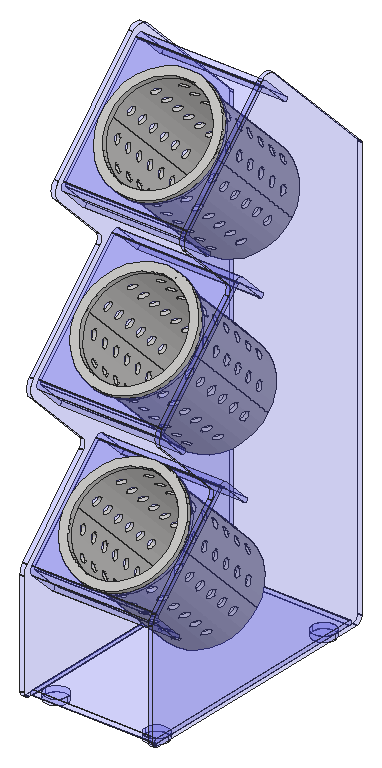
Revit family "QF_Vollrath_FWVH-3B", category Specialty Equipment, Revit 2016
Family settings
  Part Type = Normal
  Round Connector Dimension = Use Diameter
  OmniClass Number = 23.40.40.14.24
  OmniClass Title = Food Dispensing Equipment
  Work Plane-Based = Yes
  Always vertical = Yes
  Cut with Voids When Loaded = No
  Shared = No
  Room Calculation Point = No
Parameters
  Weight in Pounds = 0
  Watermarked By = ""
  URL Cutsheet = ""
  URL = "www.vollrath.com"
  Specification by User [instance] = ""
  Specification by Manufacturer [instance] = ""
  Serial Number [instance] = ""
  Revision Code [instance] = ""
  NAFEM Spec ID Number [instance] = ""
  Model = "FWVH-3B"
  Material = QF_Glass-Cast-Clear
  Masterspec [instance] = ""
  Manufacturer = "Vollrath"
  Item Number [instance] = "-"
  Installed By [instance] = ""
  Furnished By [instance] = ""
  Foodservice Equipment Identifier = yes
  Description = "Flatware Holder"
  Default Elevation = 48.00"
  CSI MasterFormat = ""
Reference planes (in)
  plane 1 "BACK": y = 0
  plane 2 "BOTTOM": z = 0
  plane 3 "LEFT": x = -16.56573
  plane 4 "RIGHT": x = -11.39573
  plane 5 "FRONT": y = -10.17
  plane 6 "BASE TOP": z = 0.2263
  plane 7 "TOP": z = 21.3263
  plane 8 "INSIDE LEFT": x = -16.39573
  plane 9: x = -11.56573
  plane 10: z = 4.7477
  plane 11: z = 4.7477
  plane 12: x = -13.98073
Forms (in)
  Extrusion 1, solid, material "QF_Glass-Cast-Clear" <- "Material"
    sketch origin (0, 0, 0) x (1, 0, 0) y (0, 1, 0)
      loop
        circle (-15.93026, -9.1882) r 0.44
      loop
        circle (-15.93026, -1.0632) r 0.44
      loop
        circle (-12.03119, -9.1882) r 0.44
      loop
        circle (-12.03119, -1.0632) r 0.44
    from 0 to 0.2263
  Extrusion 2, solid, material "QF_Glass-Cast-Clear" <- "Material"
    sketch origin (-16.56573, 0, 0) x (0, 1, 0) y (0, 0, 1)
      loop
        line (-9.92, 0.2263) -> (-0.25, 0.2263)
        arc (-0.25, 0.2263) -> (-0.07322, 0.29952) -> (0, 0.4763) r 0.25
        line (0, 0.4763) -> (0, 16.9286)
        arc (0, 16.9286) -> (-0.01141, 16.98596) -> (-0.04391, 17.0346) r 0.14991
        line (-0.04391, 17.0346) -> (-4.18916, 21.17985)
        arc (-4.18916, 21.17985) -> (-4.54272, 21.3263) -> (-4.89627, 21.17985) r 0.5
        line (-4.89627, 21.17985) -> (-8.50871, 17.56741)
        arc (-8.50871, 17.56741) -> (-8.65516, 17.21386) -> (-8.50871, 16.86031) r 0.5
        line (-8.50871, 16.86031) -> (-6.48726, 14.83886)
        arc (-6.48726, 14.83886) -> (-6.40232, 14.6338) -> (-6.48726, 14.42873) r 0.29
        line (-6.48726, 14.42873) -> (-9.71167, 11.20433)
        arc (-9.71167, 11.20433) -> (-9.85811, 10.85077) -> (-9.71167, 10.49722) r 0.5
        line (-9.71167, 10.49722) -> (-7.30169, 8.08724)
        arc (-7.30169, 8.08724) -> (-7.21675, 7.88394) -> (-7.29921, 7.67963) r 0.29
        line (-7.29921, 7.67963) -> (-10.02355, 4.88824)
        arc (-10.02355, 4.88824) -> (-10.13194, 4.72602) -> (-10.17, 4.53468) r 0.5
        line (-10.17, 4.53468) -> (-10.17, 0.4763)
        arc (-10.17, 0.4763) -> (-10.09678, 0.29952) -> (-9.92, 0.2263) r 0.25
    from 0 to 0.17
  Extrusion 3, solid, material "QF_Glass-Cast-Clear" <- "Material"
    sketch origin (-10.95573, 0, 0) x (0, 1, 0) y (0, 0, 1)
      loop
        line (-9.92, 0.2263) -> (-0.25, 0.2263)
        arc (-0.25, 0.2263) -> (-0.07322, 0.29952) -> (0, 0.4763) r 0.25
        line (0, 0.4763) -> (0, 16.9286)
        arc (0, 16.9286) -> (-0.01141, 16.98596) -> (-0.04391, 17.0346) r 0.14991
        line (-0.04391, 17.0346) -> (-4.18916, 21.17985)
        arc (-4.18916, 21.17985) -> (-4.54272, 21.3263) -> (-4.89627, 21.17985) r 0.5
        line (-4.89627, 21.17985) -> (-8.50871, 17.56741)
        arc (-8.50871, 17.56741) -> (-8.65516, 17.21386) -> (-8.50871, 16.86031) r 0.5
        line (-8.50871, 16.86031) -> (-6.48726, 14.83886)
        arc (-6.48726, 14.83886) -> (-6.40232, 14.6338) -> (-6.48726, 14.42873) r 0.29
        line (-6.48726, 14.42873) -> (-9.71167, 11.20433)
        arc (-9.71167, 11.20433) -> (-9.85811, 10.85077) -> (-9.71167, 10.49722) r 0.5
        line (-9.71167, 10.49722) -> (-7.30169, 8.08724)
        arc (-7.30169, 8.08724) -> (-7.21675, 7.88394) -> (-7.29921, 7.67963) r 0.29
        line (-7.29921, 7.67963) -> (-10.02355, 4.88824)
        arc (-10.02355, 4.88824) -> (-10.13194, 4.72602) -> (-10.17, 4.53468) r 0.5
        line (-10.17, 4.53468) -> (-10.17, 0.4763)
        arc (-10.17, 0.4763) -> (-10.09678, 0.29952) -> (-9.92, 0.2263) r 0.25
    from -0.61 to -0.44
  Extrusion 4, solid, material "QF_Glass-Cast-Clear" <- "Material"
    sketch origin (-16.39573, 0, 0) x (0, 1, 0) y (0, 0, 1)
      loop
        arc (-0.3895, 0.2263) -> (-0.29807, 0.31773) -> (-0.3895, 0.40916) r 0.09143
        line (-0.3895, 0.40916) -> (-9.78, 0.40916)
        arc (-9.78, 0.40916) -> (-9.87143, 0.31773) -> (-9.78, 0.2263) r 0.09143
        line (-9.78, 0.2263) -> (-0.3895, 0.2263)
    from 0 to 4.83
  Extrusion 5, solid, material "QF_Glass-Cast-Clear" <- "Material"
    sketch origin (-16.39573, 0, 0) x (0, 1, 0) y (0, 0, 1)
      loop
        line (-3.4467, 19.98484) -> (-4.41544, 20.95358)
        arc (-4.41544, 20.95358) -> (-4.59221, 21.0268) -> (-4.76899, 20.95358) r 0.25
        line (-4.76899, 20.95358) -> (-8.28244, 17.44013)
        arc (-8.28244, 17.44013) -> (-8.35566, 17.26336) -> (-8.28244, 17.08658) r 0.25
        line (-8.28244, 17.08658) -> (-7.3137, 16.11784)
        arc (-7.3137, 16.11784) -> (-7.18642, 16.11784) -> (-7.18642, 16.24512) r 0.09
        line (-7.18642, 16.24512) -> (-8.15516, 17.21386)
        arc (-8.15516, 17.21386) -> (-8.17566, 17.26336) -> (-8.15516, 17.31285) r 0.07
        line (-8.15516, 17.31285) -> (-4.64171, 20.8263)
        arc (-4.64171, 20.8263) -> (-4.59221, 20.8468) -> (-4.54272, 20.8263) r 0.07
        line (-4.54272, 20.8263) -> (-3.57398, 19.85756)
        arc (-3.57398, 19.85756) -> (-3.4467, 19.85756) -> (-3.4467, 19.98484) r 0.09
      loop
        line (-9.48539, 10.72349) -> (-8.51666, 9.75476)
        arc (-8.51666, 9.75476) -> (-8.38938, 9.75476) -> (-8.38938, 9.88204) r 0.09
        line (-8.38938, 9.88204) -> (-9.35811, 10.85077)
        arc (-9.35811, 10.85077) -> (-9.37862, 10.90027) -> (-9.35811, 10.94977) r 0.07
        line (-9.35811, 10.94977) -> (-5.80137, 14.50652)
        arc (-5.80137, 14.50652) -> (-5.75187, 14.52702) -> (-5.70237, 14.50652) r 0.07
        line (-5.70237, 14.50652) -> (-4.73364, 13.53778)
        arc (-4.73364, 13.53778) -> (-4.60636, 13.53778) -> (-4.60636, 13.66506) r 0.09
        line (-4.60636, 13.66506) -> (-5.57509, 14.6338)
        arc (-5.57509, 14.6338) -> (-5.75187, 14.70702) -> (-5.92865, 14.6338) r 0.25
        line (-5.92865, 14.6338) -> (-9.48539, 11.07705)
        arc (-9.48539, 11.07705) -> (-9.55862, 10.90027) -> (-9.48539, 10.72349) r 0.25
      loop
        line (-9.79728, 4.4074) -> (-8.82854, 3.43867)
        arc (-8.82854, 3.43867) -> (-8.70126, 3.43867) -> (-8.70126, 3.56595) r 0.09
        line (-8.70126, 3.56595) -> (-9.67, 4.53468)
        arc (-9.67, 4.53468) -> (-9.6905, 4.58418) -> (-9.67, 4.63368) r 0.07
        line (-9.67, 4.63368) -> (-6.58229, 7.72139)
        arc (-6.58229, 7.72139) -> (-6.53279, 7.74189) -> (-6.48329, 7.72139) r 0.07
        line (-6.48329, 7.72139) -> (-5.51455, 6.75266)
        arc (-5.51455, 6.75266) -> (-5.38728, 6.75266) -> (-5.38728, 6.87994) r 0.09
        line (-5.38728, 6.87994) -> (-6.35601, 7.84867)
        arc (-6.35601, 7.84867) -> (-6.53279, 7.92189) -> (-6.70956, 7.84867) r 0.25
        line (-6.70956, 7.84867) -> (-9.79728, 4.76096)
        arc (-9.79728, 4.76096) -> (-9.8705, 4.58418) -> (-9.79728, 4.4074) r 0.25
    from 0 to 4.83
  Extrusion 6, void
    sketch origin (-16.39573, -4.59221, 20.8758) x (0, 0.707107, 0.707107) y (-1, 0, 0)
      loop
        circle (-2.60876, -2.415) r 2.1875
    from 0.18 to -0.52411
  Extrusion 7, void
    sketch origin (-16.39573, -5.73507, 14.57282) x (0, 0.707107, 0.707107) y (-1, 0, 0)
      loop
        circle (-2.60876, -2.415) r 2.1875
    from 0.18 to -0.52411
  Extrusion 8, void
    sketch origin (-16.39573, -6.28147, 8.02221) x (0, 0.707107, 0.707107) y (-1, 0, 0)
      loop
        circle (-2.60876, -2.415) r 2.1875
    from 0.18 to -0.52411
Cuts and joins
  Extrusion 6, Extrusion 7, Extrusion 8 cuts Extrusion 5
Lines and regions (in)
  symbolic lines
    curve 1: line (-16.56573, 0, 0) -> (-16.39573, 0, 0)
    curve 2: line (-16.56573, -10.17, 0) -> (-16.56573, 0, 0)
    curve 3: line (-16.39573, -10.17, 0) -> (-16.56573, -10.17, 0)
    curve 4: line (-16.39573, 0, 0) -> (-16.39573, -10.17, 0)
    curve 5: line (-11.56573, 0, 0) -> (-11.39573, 0, 0)
    curve 6: line (-11.56573, -10.17, 0) -> (-11.56573, 0, 0)
    curve 7: line (-11.39573, -10.17, 0) -> (-11.56573, -10.17, 0)
    curve 8: line (-11.39573, 0, 0) -> (-11.39573, -10.17, 0)
    curve 9: line (-16.39573, -9.87632, 0) -> (-11.56573, -9.87632, 0)
    curve 16: line (-16.39573, -0.25, 0) -> (-11.56573, -0.25, 0)
  symbolic lines, style "QF_Details_Surface"
    curve 10: spline (-13.98073, -8.11096, 0) -> (-14.54689, -8.05826, 0) -> (-15.07448, -7.90373, 0) -> (-15.52752, -7.65792, 0) -> (-15.87516, -7.33756, 0) -> (-16.09369, -6.96451, 0) -> (-16.16823, -6.56417, 0) -> (-16.09369, -6.16383, 0) -> (-15.87516, -5.79077, 0) -> (-15.52752, -5.47042, 0) -> (-15.07448, -5.2246, 0) -> (-14.54689, -5.07008, 0) -> (-13.98073, -5.01737, 0)
    curve 11: spline (-13.98073, -5.01737, 0) -> (-13.41456, -5.07008, 0) -> (-12.88698, -5.2246, 0) -> (-12.43393, -5.47042, 0) -> (-12.08629, -5.79077, 0) -> (-11.86776, -6.16383, 0) -> (-11.79323, -6.56417, 0) -> (-11.86776, -6.96451, 0) -> (-12.08629, -7.33756, 0) -> (-12.43393, -7.65792, 0) -> (-12.88698, -7.90373, 0) -> (-13.41456, -8.05826, 0) -> (-13.98073, -8.11096, 0)
    curve 12: spline (-13.98073, -6.29281, 0) -> (-14.54689, -6.34551, 0) -> (-15.07448, -6.50004, 0) -> (-15.52752, -6.74585, 0) -> (-15.87516, -7.0662, 0) -> (-16.09369, -7.43926, 0) -> (-16.16823, -7.8396, 0) -> (-16.09369, -8.23994, 0) -> (-15.87516, -8.613, 0) -> (-15.52752, -8.93335, 0) -> (-15.07448, -9.17917, 0) -> (-14.54689, -9.33369, 0) -> (-13.98073, -9.3864, 0)
    curve 13: spline (-13.98073, -9.3864, 0) -> (-13.41456, -9.33369, 0) -> (-12.88698, -9.17917, 0) -> (-12.43393, -8.93335, 0) -> (-12.08629, -8.613, 0) -> (-11.86776, -8.23994, 0) -> (-11.79323, -7.8396, 0) -> (-11.86776, -7.43926, 0) -> (-12.08629, -7.0662, 0) -> (-12.43393, -6.74585, 0) -> (-12.88698, -6.50004, 0) -> (-13.41456, -6.34551, 0) -> (-13.98073, -6.29281, 0)
    curve 14: spline (-13.98073, -9.80022, 0) -> (-14.54689, -9.74751, 0) -> (-15.07448, -9.59299, 0) -> (-15.52752, -9.34717, 0) -> (-15.87516, -9.02682, 0) -> (-16.09369, -8.65376, 0) -> (-16.16823, -8.25342, 0) -> (-16.09369, -7.85308, 0) -> (-15.87516, -7.48002, 0) -> (-15.52752, -7.15967, 0) -> (-15.07448, -6.91386, 0) -> (-14.54689, -6.75933, 0) -> (-13.98073, -6.70663, 0)
    curve 15: spline (-13.98073, -6.70663, 0) -> (-13.41456, -6.75933, 0) -> (-12.88698, -6.91386, 0) -> (-12.43393, -7.15967, 0) -> (-12.08629, -7.48002, 0) -> (-11.86776, -7.85308, 0) -> (-11.79323, -8.25342, 0) -> (-11.86776, -8.65376, 0) -> (-12.08629, -9.02682, 0) -> (-12.43393, -9.34717, 0) -> (-12.88698, -9.59299, 0) -> (-13.41456, -9.74751, 0) -> (-13.98073, -9.80022, 0)
Dimensions and locks (in)
  plane 3 "LEFT" to plane 4 "RIGHT" = 5.17"
  plane 5 "FRONT" to plane 1 "BACK" = 10.17"
  locked: plane 6 "BASE TOP" to level at 0.2263
  plane 7 "TOP" to plane 6 "BASE TOP" = 21.10"
  locked: plane 3 "LEFT" to plane 8 "INSIDE LEFT" at 0.17
  locked: plane 9 to plane 4 "RIGHT" at 0.17
  locked: plane 10 to level at 4.7477
  equal spacing: plane 3 "LEFT", plane 12, plane 4 "RIGHT"
  radius of Extrusion 1 sketch curve = 0.44"
  aligned and locked: level to plane 2 "BOTTOM"
  aligned and locked: plane 6 "BASE TOP" to Extrusion 1
  aligned and locked: plane 8 "INSIDE LEFT" to Extrusion 2
  aligned and locked: plane 4 "RIGHT" to Extrusion 3
  aligned and locked: Extrusion 3 to plane 9
  aligned and locked: plane 9 to Extrusion 4
  aligned and locked: curve 1 to Extrusion 2
  aligned and locked: curve 2 to Extrusion 2
  aligned and locked: curve 3 to Extrusion 2
  aligned and locked: curve 4 to Extrusion 2
  aligned and locked: curve 5 to Extrusion 3
  aligned and locked: curve 6 to Extrusion 3
  aligned and locked: curve 7 to Extrusion 3
  aligned and locked: curve 8 to Extrusion 3
Automatic sketch dimensions
  plane 8 "INSIDE LEFT" to Extrusion 1 sketch curve = 0.46546"  (x2)
  Extrusion 1 sketch curve to plane 9 = 0.46546"  (x2)
  plane 5 "FRONT" to Extrusion 1 sketch curve = 0.9818"  (x2)
  plane 1 "BACK" to Extrusion 1 sketch curve = 1.0632"  (x2)
  Extrusion 2 sketch curve to plane 5 "FRONT" = 0.00"
  Extrusion 2 sketch curve to plane 6 "BASE TOP" = 0.00"
  Extrusion 2 sketch curve to plane 1 "BACK" = 0.00"
  plane 5 "FRONT" to Extrusion 2 sketch curve = 0.14645"
  plane 5 "FRONT" to Extrusion 2 sketch curve = 0.25"
  plane 5 "FRONT" to Extrusion 2 sketch curve = 0.45833"  (x2)
  Extrusion 2 sketch curve to plane 10 = 0.21302"
  plane 5 "FRONT" to Extrusion 2 sketch curve = 0.50"
  Extrusion 2 sketch curve to Extrusion 2 sketch curve = 0.35355"  (x6)
  plane 5 "FRONT" to Extrusion 2 sketch curve = 1.66129"
  Extrusion 2 sketch curve to Extrusion 2 sketch curve = 0.00"
  plane 5 "FRONT" to Extrusion 2 sketch curve = 2.66325"
  Extrusion 2 sketch curve to Extrusion 2 sketch curve = 0.20506"  (x4)
  Extrusion 2 sketch curve to Extrusion 2 sketch curve = 0.20754"
  Extrusion 2 sketch curve to Extrusion 2 sketch curve = 1.81639"
  Extrusion 2 sketch curve to plane 7 "TOP" = 0.14645"  (x2)
  plane 1 "BACK" to Extrusion 2 sketch curve = 4.89627"
  plane 1 "BACK" to Extrusion 2 sketch curve = 0.25"
  plane 1 "BACK" to Extrusion 2 sketch curve = 0.14991"
  plane 1 "BACK" to Extrusion 2 sketch curve = 0.04391"
  plane 10 to Extrusion 2 sketch curve = 2.93193"
  Extrusion 2 sketch curve to Extrusion 2 sketch curve = 0.20255"
  Extrusion 2 sketch curve to Extrusion 2 sketch curve = 2.40998"
  Extrusion 2 sketch curve to Extrusion 2 sketch curve = 3.22441"
  Extrusion 2 sketch curve to Extrusion 2 sketch curve = 2.02145"
  Extrusion 2 sketch curve to plane 7 "TOP" = 4.3977"
  Extrusion 3 sketch curve to plane 5 "FRONT" = 0.00"
  Extrusion 3 sketch curve to plane 6 "BASE TOP" = 0.00"
  Extrusion 3 sketch curve to plane 1 "BACK" = 0.00"
  plane 5 "FRONT" to Extrusion 3 sketch curve = 0.14645"
  plane 5 "FRONT" to Extrusion 3 sketch curve = 0.25"
  plane 5 "FRONT" to Extrusion 3 sketch curve = 0.45833"  (x2)
  Extrusion 3 sketch curve to plane 11 = 0.21302"
  Extrusion 3 sketch curve to Extrusion 3 sketch curve = 0.35355"  (x6)
  plane 5 "FRONT" to Extrusion 3 sketch curve = 1.66129"
  Extrusion 3 sketch curve to Extrusion 3 sketch curve = 0.00"
  plane 5 "FRONT" to Extrusion 3 sketch curve = 2.66325"
  Extrusion 3 sketch curve to Extrusion 3 sketch curve = 0.20506"  (x4)
  Extrusion 3 sketch curve to Extrusion 3 sketch curve = 0.20754"
  Extrusion 3 sketch curve to Extrusion 3 sketch curve = 1.81639"
  Extrusion 3 sketch curve to plane 7 "TOP" = 0.14645"  (x2)
  plane 1 "BACK" to Extrusion 3 sketch curve = 4.89627"
  plane 1 "BACK" to Extrusion 3 sketch curve = 0.25"
  plane 1 "BACK" to Extrusion 3 sketch curve = 0.14991"
  plane 1 "BACK" to Extrusion 3 sketch curve = 0.04391"
  plane 11 to Extrusion 3 sketch curve = 2.93193"
  Extrusion 3 sketch curve to Extrusion 3 sketch curve = 0.20255"
  Extrusion 3 sketch curve to Extrusion 3 sketch curve = 2.40998"
  Extrusion 3 sketch curve to Extrusion 3 sketch curve = 3.22441"
  Extrusion 3 sketch curve to Extrusion 3 sketch curve = 2.02145"
  Extrusion 3 sketch curve to plane 7 "TOP" = 4.3977"
  Extrusion 3 sketch curve to plane 7 "TOP" = 0.50"
  Extrusion 4 sketch curve to plane 6 "BASE TOP" = 0.00"
  plane 5 "FRONT" to Extrusion 4 sketch curve = 0.39"
  plane 6 "BASE TOP" to Extrusion 4 sketch curve = 0.18286"
  plane 1 "BACK" to Extrusion 4 sketch curve = 0.3895"
  Extrusion 5 sketch curve to Extrusion 5 sketch curve = 0.00"  (x18)
  plane 5 "FRONT" to Extrusion 5 sketch curve = 0.37272"
  Extrusion 5 sketch curve to Extrusion 5 sketch curve = 0.12728"  (x13)
  Extrusion 5 sketch curve to Extrusion 5 sketch curve = 0.0495"  (x14)
  plane 5 "FRONT" to Extrusion 5 sketch curve = 0.68461"
  plane 5 "FRONT" to Extrusion 5 sketch curve = 1.34146"
  Extrusion 5 sketch curve to Extrusion 5 sketch curve = 0.06364"  (x17)
  Extrusion 5 sketch curve to Extrusion 5 sketch curve = 0.96874"  (x10)
  plane 5 "FRONT" to Extrusion 5 sketch curve = 1.88756"
  Extrusion 5 sketch curve to Extrusion 5 sketch curve = 1.80709"
  Extrusion 5 sketch curve to Extrusion 5 sketch curve = 1.38505"
  Extrusion 5 sketch curve to plane 7 "TOP" = 0.37272"  (x2)
  plane 1 "BACK" to Extrusion 5 sketch curve = 4.76899"
  Extrusion 5 sketch curve to plane 7 "TOP" = 0.50"  (x2)
  Extrusion 5 sketch curve to plane 7 "TOP" = 1.46874"
  Extrusion 5 sketch curve to plane 7 "TOP" = 1.34146"
  Extrusion 5 sketch curve to plane 7 "TOP" = 3.88617"
  Extrusion 5 sketch curve to Extrusion 5 sketch curve = 1.48405"
  Extrusion 5 sketch curve to Extrusion 5 sketch curve = 3.55675"
  Extrusion 5 sketch curve to Extrusion 5 sketch curve = 2.03337"
  Extrusion 5 sketch curve to Extrusion 5 sketch curve = 3.08771"
  Extrusion 6 sketch curve to Extrusion 6 sketch curve = 0.00"  (x2)
  Extrusion 6 sketch curve to Extrusion 5 = 2.43"
  Extrusion 6 sketch curve to Extrusion 5 = 2.415"
  Extrusion 6 sketch curve to Extrusion 5 = 0.2425"
  Extrusion 7 sketch curve to Extrusion 7 sketch curve = 0.00"  (x2)
  Extrusion 7 sketch curve to plane 12 = 0.00"
  Extrusion 7 sketch curve to Extrusion 7 sketch curve = 2.1875"
  Extrusion 8 sketch curve to Extrusion 8 sketch curve = 0.00"  (x2)
  Extrusion 8 sketch curve to plane 12 = 0.00"
  Extrusion 8 sketch curve to Extrusion 8 sketch curve = 2.1875"
  curve 15 to plane 12 = 0.00"
  curve 13 to plane 12 = 0.00"
  curve 10 to plane 12 = 0.00"
  curve 12 to plane 9 = 0.2275"
  curve 11 to plane 9 = 0.2275"
  curve 10 to curve 11 = 0.00"
  curve 13 to curve 12 = 0.00"
  curve 14 to plane 9 = 0.2275"
  curve 15 to curve 14 = 0.00"
  plane 5 "FRONT" to curve 9 = 0.29368"
  plane 5 "FRONT" to curve 14 = 0.36978"
  curve 14 to curve 13 = 0.41382"
  curve 12 to curve 14 = 1.13298"
  curve 14 to curve 10 = 0.14246"
  curve 10 to curve 12 = 0.27136"
  curve 12 to curve 11 = 1.27544"
  plane 1 "BACK" to curve 16 = 0.25"
  radius of Extrusion 1 sketch curve = 0.44"  (x3)
Nested families (in)
  nested 1: "QF_Vollrath_Flatware Cylinder-1" at (-13.98073, -18.2779, 7.44467) x (0, -0.7071, -0.7071) z (0, -0.7071, 0.7071), type "QF_Vollrath_Flatware Cylinder-1"
    with Outer Lid Radius 2.1875", Material QF_Stainless-Polished, Lower Outer Radius 2.00", Inner Radius 1.875"
  nested 2: "QF_Vollrath_Flatware Cylinder-1" at (-13.98073, -19.42076, 1.14169) x (0, -0.7071, -0.7071) z (0, -0.7071, 0.7071), type "QF_Vollrath_Flatware Cylinder-1"
    with Outer Lid Radius 2.1875", Material QF_Stainless-Polished, Lower Outer Radius 2.00", Inner Radius 1.875"
  nested 3: "QF_Vollrath_Flatware Cylinder-1" at (-13.98073, -19.96716, -5.40892) x (0, -0.7071, -0.7071) z (0, -0.7071, 0.7071), type "QF_Vollrath_Flatware Cylinder-1"
    with Outer Lid Radius 2.1875", Material QF_Stainless-Polished, Lower Outer Radius 2.00", Inner Radius 1.875"
Definition of nested family "QF_Vollrath_Flatware Cylinder-1"
  Parameters
    Watermarked By = ""
    Outer Lid Radius [instance] = Inner Radius + 0.3125"  # 2.1875"
    Material [instance] = none
    Lower Outer Radius [instance] = Inner Radius + 0.125"  # 2.00"
    Inner Radius [instance] = 1.875"
    Default Elevation = 48.00"
  Reference planes (in)
    plane 1 "BACK": y = 0
    plane 2: z = 0
    plane 3 "LEFT": x = -16.56573
    plane 4 "TOP": z = 0.1875
    plane 5 "BOTTOM": z = -5.4504
  Forms (in)
    Extrusion 1, solid, material <- "Material"
      sketch origin (0, 0, 0) x (1, 0, 0) y (0, 1, 0)
        loop
          circle (-16.56573, 0) r 2.1875
        loop
          circle (-16.56573, 0) r 1.875
      from 0 to 0.1875
    Extrusion 2, solid, material <- "Material"
      sketch origin (0, 0, -5.4504) x (0, 1, 0) y (-1, 0, 0)
        loop
          circle (0, 16.56573) r 1.875
        loop
          circle (0, 16.56573) r 2
      from 0 to 5.4504
    Extrusion 3, solid, material <- "Material"
      sketch origin (0, 0, -5.4504) x (0, 1, 0) y (-1, 0, 0)
        loop
          circle (0, 16.56573) r 1.875
      from 0 to 0.125
    Extrusion 4, void
      sketch origin (-0.56446, -4.28753, 0) x (0.965926, -0.258819, 0) y (0, 0, 1)
        loop
          circle (-16.56573, -0.6875) r 0.1875
        loop
          circle (-16.56573, -1.4375) r 0.1875
        loop
          circle (-16.56573, -2.1875) r 0.1875
        loop
          circle (-16.56573, -2.9375) r 0.1875
        loop
          circle (-16.56573, -3.6875) r 0.1875
        loop
          circle (-16.56573, -4.4375) r 0.1875
      from -12 to 12
    Extrusion 5, void
      sketch origin (-4.85199, -11.71374, 0) x (0.707107, -0.707107, 0) y (0, 0, 1)
        loop
          circle (-16.56573, -0.6875) r 0.1875
        loop
          circle (-16.56573, -1.4375) r 0.1875
        loop
          circle (-16.56573, -2.1875) r 0.1875
        loop
          circle (-16.56573, -2.9375) r 0.1875
        loop
          circle (-16.56573, -3.6875) r 0.1875
        loop
          circle (-16.56573, -4.4375) r 0.1875
      from -12 to 12
    Extrusion 6, void
      sketch origin (-12.2782, -16.00126, 0) x (0.258819, -0.965926, 0) y (0, 0, 1)
        loop
          circle (-16.56573, -0.6875) r 0.1875
        loop
          circle (-16.56573, -1.4375) r 0.1875
        loop
          circle (-16.56573, -2.1875) r 0.1875
        loop
          circle (-16.56573, -2.9375) r 0.1875
        loop
          circle (-16.56573, -3.6875) r 0.1875
        loop
          circle (-16.56573, -4.4375) r 0.1875
      from -12 to 12
    Extrusion 7, void
      sketch origin (-20.85325, -16.00126, 0) x (-0.258819, -0.965926, 0) y (0, 0, 1)
        loop
          circle (-16.56573, -0.6875) r 0.1875
        loop
          circle (-16.56573, -1.4375) r 0.1875
        loop
          circle (-16.56573, -2.1875) r 0.1875
        loop
          circle (-16.56573, -2.9375) r 0.1875
        loop
          circle (-16.56573, -3.6875) r 0.1875
        loop
          circle (-16.56573, -4.4375) r 0.1875
      from -12 to 12
    Extrusion 8, void
      sketch origin (-28.27946, -11.71374, 0) x (-0.707107, -0.707107, 0) y (0, 0, 1)
        loop
          circle (-16.56573, -0.6875) r 0.1875
        loop
          circle (-16.56573, -1.4375) r 0.1875
        loop
          circle (-16.56573, -2.1875) r 0.1875
        loop
          circle (-16.56573, -2.9375) r 0.1875
        loop
          circle (-16.56573, -3.6875) r 0.1875
        loop
          circle (-16.56573, -4.4375) r 0.1875
      from -12 to 12
    Extrusion 9, void
      sketch origin (-32.56699, -4.28753, 0) x (-0.965926, -0.258819, 0) y (0, 0, 1)
        loop
          circle (-16.56573, -0.6875) r 0.1875
        loop
          circle (-16.56573, -1.4375) r 0.1875
        loop
          circle (-16.56573, -2.1875) r 0.1875
        loop
          circle (-16.56573, -2.9375) r 0.1875
        loop
          circle (-16.56573, -3.6875) r 0.1875
        loop
          circle (-16.56573, -4.4375) r 0.1875
      from -12 to 12
  Cuts and joins
    Extrusion 4, Extrusion 5, Extrusion 6, Extrusion 7, Extrusion 8, Extrusion 9 cuts Extrusion 1
    Extrusion 4, Extrusion 5, Extrusion 6, Extrusion 7, Extrusion 8, Extrusion 9 cuts Extrusion 2
    joined: Extrusion 1, Extrusion 2
  Lines and regions (in)
    symbolic lines
      curve 1: arc (-14.37823, 0, -5.4504) -> (-16.56573, 2.1875, -5.4504) -> (-18.75323, 0, -5.4504) r 2.1875
      curve 2: arc (-18.75323, 0, -5.4504) -> (-16.56573, -2.1875, -5.4504) -> (-14.37823, 0, -5.4504) r 2.1875
      curve 3: arc (-14.69073, 0, -5.4504) -> (-16.56573, -1.875, -5.4504) -> (-18.44073, 0, -5.4504) r 1.875
      curve 4: arc (-18.44073, 0, -5.4504) -> (-16.56573, 1.875, -5.4504) -> (-14.69073, 0, -5.4504) r 1.875
  Dimensions and locks (in)
    locked: plane 4 "TOP" to level at 0.1875
    locked: level to plane 5 "BOTTOM" at 5.4504
    "Outer Lid Radius": radius of Extrusion 1 sketch curve
    "Inner Radius": radius of Extrusion 1 sketch curve
    "Inner Radius": radius of Extrusion 2 sketch curve
    "Lower Outer Radius": radius of Extrusion 2 sketch curve
    "Inner Radius": radius of Extrusion 3 sketch curve
    aligned and locked: level to plane 2
    aligned and locked: plane 4 "TOP" to Extrusion 1
    aligned and locked: level to Extrusion 2
    aligned and locked: curve 1 to cut or joined group 1 (Extrusion 1, Extrusion 2, Extrusion 4, Extrusion 5, Extrusion 6, Extrusion 7, Extrusion 8, Extrusion 9)
    aligned and locked: curve 2 to cut or joined group 1
    aligned and locked: curve 3 to cut or joined group 1
    aligned and locked: curve 4 to cut or joined group 1
  Automatic sketch dimensions
    Extrusion 4 sketch curve to level = 1.4375"
    Extrusion 4 sketch curve to Extrusion 4 sketch curve = 0.00"  (x5)
    Extrusion 4 sketch curve to Extrusion 4 sketch curve = 0.75"  (x4)
    Extrusion 4 sketch curve to level = 0.6875"
    Extrusion 5 sketch curve to level = 1.4375"
    Extrusion 5 sketch curve to Extrusion 5 sketch curve = 0.00"  (x5)
    Extrusion 5 sketch curve to Extrusion 5 sketch curve = 0.75"  (x4)
    Extrusion 5 sketch curve to level = 0.6875"
    Extrusion 6 sketch curve to level = 1.4375"
    Extrusion 6 sketch curve to Extrusion 6 sketch curve = 0.00"  (x5)
    Extrusion 6 sketch curve to Extrusion 6 sketch curve = 0.75"  (x4)
    Extrusion 6 sketch curve to level = 0.6875"
    Extrusion 7 sketch curve to level = 1.4375"
    Extrusion 7 sketch curve to Extrusion 7 sketch curve = 0.00"  (x5)
    Extrusion 7 sketch curve to Extrusion 7 sketch curve = 0.75"  (x4)
    Extrusion 7 sketch curve to level = 0.6875"
    Extrusion 8 sketch curve to level = 1.4375"
    Extrusion 8 sketch curve to Extrusion 8 sketch curve = 0.00"  (x5)
    Extrusion 8 sketch curve to Extrusion 8 sketch curve = 0.75"  (x4)
    Extrusion 8 sketch curve to level = 0.6875"
    Extrusion 9 sketch curve to level = 1.4375"
    Extrusion 9 sketch curve to Extrusion 9 sketch curve = 0.00"  (x5)
    Extrusion 9 sketch curve to Extrusion 9 sketch curve = 0.75"  (x4)
    Extrusion 9 sketch curve to level = 0.6875"
    Extrusion 1 sketch curve to Extrusion 1 sketch curve = 0.00"  (x2)
    plane 1 "BACK" to Extrusion 1 sketch curve = 0.00"
    Extrusion 1 sketch curve to plane 3 "LEFT" = 0.00"
    Extrusion 2 sketch curve to Extrusion 2 sketch curve = 0.00"  (x2)
    plane 1 "BACK" to Extrusion 2 sketch curve = 0.00"
    Extrusion 2 sketch curve to plane 3 "LEFT" = 0.00"
    plane 1 "BACK" to Extrusion 3 sketch curve = 0.00"
    Extrusion 3 sketch curve to plane 3 "LEFT" = 0.00"
    radius of Extrusion 4 sketch curve = 0.1875"  (x6)
    radius of Extrusion 5 sketch curve = 0.1875"  (x6)
    radius of Extrusion 6 sketch curve = 0.1875"  (x6)
    radius of Extrusion 7 sketch curve = 0.1875"  (x6)
    radius of Extrusion 8 sketch curve = 0.1875"  (x6)
    radius of Extrusion 9 sketch curve = 0.1875"  (x6)
